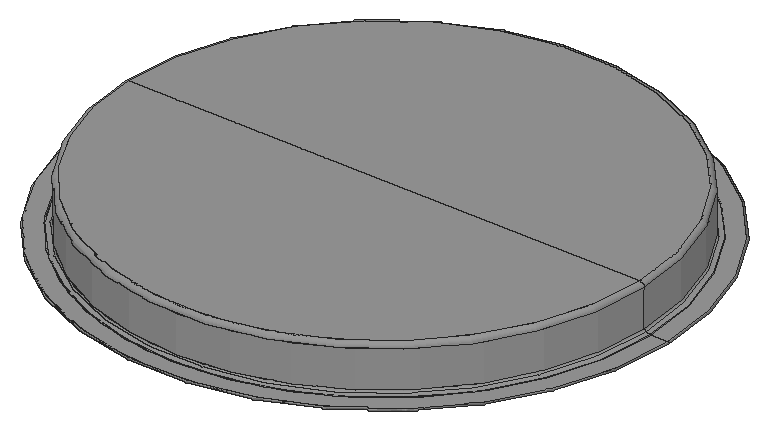
Revit family "MIA13_63_UN_Downlighter_ETK", category Lighting Fixtures, Revit 2017 (continued)
Definition of nested family "MIA.13 - Lightsource"
  Types (8, lengths in mm): name | Wattage | built-in parameter 1150134 | Photometric Web File | built-in parameter 1150142 | built-in parameter 1150105 | Lumens | built-in parameter 1150107 | built-in parameter 1150106
    MIA.1313.15 - Ø240 / 18W / 1800lm / 3000K | 12.1178 W | (empty or 0) | "MIA.1313.15_LDT.ies" | "IESNA91\r\n[MANUFAC]  www.etk.nl\r\n[LUMCAT] MIA.1313.15\r\n[LUMINAIRE] MIA.1 LED 18W 3000K ø240 1800Lm mat wit  Dimbaar DALI\r\n[LAMP] LED\r\n[CHANGED] this file converted to 'ies' from 'ldt' by IES Viewer v2.99n    (C) Andrey Legotin\r\nTILT=NONE\r\n1 1800 1.8 101 36 1 2 0 -0.22 0\r\n1 1 18\r\n0 0.9 1.8 2.7 3.6 4.5 5.4 6.3 7.2 8.1 9 9.9 10.8 11.7 12.6 \r\n13.5 14.4 15.3 16.2 17.1 18 18.9 19.8 20.7 21.6 22.5 23.4 \r\n24.3 25.2 26.1 27 27.9 28.8 29.7 30.6 31.5 32.4 33.3 34.2 \r\n35.1 36 36.9 37.8 38.7 39.6 40.5 41.4 42.3 43.2 44.1 45 \r\n45.9 46.8 47.7 48.6 49.5 50.4 51.3 52.2 53.1 54 54.9 55.8 \r\n56.7 57.6 58.5 59.4 60.3 61.2 62.1 63 63.9 64.8 65.7 66.6 \r\n67.5 68.4 69.3 70.2 71.1 72 72.9 73.8 74.7 75.6 76.5 77.4 \r\n78.3 79.2 80.1 81 81.9 82.8 83.7 84.6 85.5 86.4 87.3 88.2 \r\n89.1 90 \r\n0 10 20 30 40 50 60 70 80 90 100 110 120 130 140 150 160 \r\n170 180 190 200 210 220 230 240 250 260 270 280 290 300 310 \r\n320 330 340 350 \r\n345.652 343.7612 343.769 344.0738 344.5113 345.0035 \r\n345.0035 344.3316 343.4409 342.183 340.386 338.5968 336.956 \r\n335.3543 334.073 333.2682 332.7135 331.8306 330.2992 \r\n328.7132 326.7287 324.3535 321.9236 318.9312 315.7669 \r\n313.087 311.0712 309.3835 307.6178 305.6333 303.6565 \r\n300.7813 297.492 294.0386 290.1711 286.1239 282.4674 \r\n279.4203 276.5997 273.7636 270.8884 268.0131 264.4113 \r\n260.5594 256.4575 251.8869 247.0271 242.3939 238.2295 \r\n234.1667 230.268 226.6427 223.0252 218.9312 214.6808 \r\n210.3133 205.7661 201.0938 196.2419 190.7571 185.2723 \r\n180.2953 175.7325 171.2243 166.8802 162.6143 158.0123 \r\n152.7932 147.2146 141.5501 135.5497 129.5414 123.8222 \r\n118.2436 112.8369 107.9069 103.3049 98.4374 92.976 87.2803 \r\n81.5689 75.8184 70.0602 64.841 59.8719 54.8949 49.7461 \r\n44.4566 39.1906 34.0417 28.9085 23.7675 18.6343 13.5011 \r\n9.7117 6.6568 3.6487 0.6407 0 0 0 \r\n345.652 344.4644 343.394 342.808 342.9018 343.269 343.4331 \r\n343.3315 343.0815 342.3236 341.0266 339.7062 337.4951 \r\n335.1746 333.2526 331.7837 330.5414 329.4867 328.7444 \r\n327.9084 326.3458 324.2675 322.0486 319.1343 316.0169 \r\n312.9541 309.9461 307.0552 304.6097 303.0002 301.3907 \r\n298.914 296.1872 293.2338 289.8195 286.1942 283.0143 \r\n280.4516 278.0373 275.6231 273.2088 268.3178 263.1299 \r\n258.4343 254.5199 250.9259 247.0193 242.6205 238.0342 \r\n233.4479 228.9007 224.3535 220.025 215.8919 211.7978 \r\n207.5475 203.1956 198.8046 194.3355 189.8039 185.1473 \r\n179.5453 173.9511 168.6225 163.4893 158.4499 153.5198 \r\n148.6991 143.8862 139.0812 134.2839 129.1898 123.369 \r\n117.4623 111.6259 105.852 100.2266 95.0152 90.2492 85.4051 \r\n79.9437 74.373 68.8413 63.3487 57.8717 52.8244 48.1366 \r\n43.3628 38.2999 32.9479 27.5959 22.4627 17.3217 12.8916 \r\n9.1413 5.7583 3.7034 3.1721 2.6486 2.1252 1.5939 \r\n345.652 345.8395 345.9723 345.9958 345.2692 344.191 \r\n342.9409 341.4173 339.8 338.5264 338.3077 338.0967 337.6201 \r\n337.0341 336.2372 334.8621 333.0963 331.0727 328.4632 \r\n325.7051 323.2206 321.361 319.5093 317.9702 316.5638 \r\n314.9699 312.9073 310.493 307.9381 304.8676 301.7423 \r\n298.328 294.6246 290.8821 288.1084 285.8348 283.4675 \r\n280.9048 278.178 275.2559 271.2009 267.1537 262.7549 \r\n258.0983 253.4651 249.371 245.6754 242.0658 238.6749 235.37 \r\n231.8775 227.4865 223.0877 218.3139 213.3135 208.3288 \r\n203.5784 199.0624 194.5777 190.1867 185.8192 181.2954 \r\n176.4825 171.6384 166.3646 160.8094 155.3246 150.1133 \r\n145.1598 140.175 134.8777 129.557 124.2519 118.9702 \r\n113.6886 108.5554 103.5472 98.3671 92.7651 86.8193 80.9126 \r\n75.6465 70.3805 65.3645 60.5907 55.8403 50.793 45.4332 \r\n40.0891 34.823 29.5961 24.4316 19.525 14.6418 10.5946 \r\n7.2193 4.0706 0.9141 0 0 0 \r\n345.652 344.4488 344.6754 345.0738 344.9957 344.48 343.6909 \r\n342.4408 340.5422 338.7061 337.417 336.3622 335.4793 \r\n335.0496 334.7449 333.8855 332.4713 330.7915 328.6663 \r\n325.9395 323.2049 320.7751 318.3842 316.306 314.6886 \r\n313.2667 311.454 309.1413 306.6802 303.7737 300.3985 \r\n297.0232 293.5151 289.9914 286.7724 283.9362 281.2642 \r\n278.4514 275.42 272.3494 269.0523 265.5911 261.9502 \r\n257.3639 252.5041 248.0428 244.0503 240.2922 236.7138 \r\n233.4948 230.268 226.088 221.6111 216.8998 211.6962 \r\n206.2817 201.2735 196.8435 192.5463 188.2491 183.9519 \r\n179.6468 174.7246 169.6383 164.38 158.8562 153.1995 147.785 \r\n142.8783 137.9952 133.0885 128.135 123.1815 117.9389 \r\n112.6182 107.3521 102.172 97.0154 91.6712 85.8348 80.0063 \r\n74.5293 69.2476 64.0128 58.8874 53.8089 48.8866 44.1831 \r\n39.55 34.7136 29.3617 24.0097 19.1343 14.4621 10.3211 \r\n7.4068 5.266 3.6722 3.219 3.0002 2.7893 \r\n345.652 343.8941 342.7377 342.0111 341.9564 342.1674 \r\n342.3236 342.3939 342.3392 341.7689 340.5344 339.2921 \r\n337.1357 334.823 332.8385 331.2915 329.9789 328.8069 \r\n327.9084 326.963 325.6114 323.9081 322.072 319.1577 \r\n315.9387 312.8526 309.9305 307.1412 304.7269 303.1487 \r\n301.5704 299.0937 296.2731 293.2651 289.8039 286.1317 \r\n282.4674 278.7874 275.1543 271.7712 268.8726 265.9739 \r\n262.5908 259.0593 255.2856 251.0821 246.6286 242.2142 \r\n237.878 233.5573 229.3617 225.3379 221.3142 217.3217 \r\n213.3292 209.2117 204.891 200.4219 195.7028 190.1633 \r\n184.6316 179.3734 174.3027 169.3648 165.1457 161.2782 \r\n157.0045 152.0431 146.7146 141.3079 135.6747 130.0492 \r\n124.4082 118.7749 113.3292 108.485 104.0472 99.3437 94.0542 \r\n88.5772 83.1393 77.7873 72.4353 67.3178 62.333 57.3404 \r\n52.2853 47.1677 42.097 37.1904 32.2994 27.674 23.3378 \r\n19.0327 14.7746 10.5399 6.3052 2.0705 0 0 0 \r\n345.652 345.6051 344.4175 343.0893 342.0423 341.222 \r\n340.5813 340.2766 340.4016 340.4407 339.7922 338.9249 \r\n337.792 336.1356 334.3464 332.2447 329.8695 327.6037 \r\n325.8301 324.6504 323.4784 322.1345 320.7751 318.9468 \r\n316.5169 313.8605 310.7821 307.1959 303.7034 300.6329 \r\n297.9373 295.2965 293.2651 291.3196 288.8351 285.7958 \r\n282.4518 278.7483 274.4824 270.2711 266.4739 262.919 \r\n259.4031 256.0513 252.7385 249.2382 245.527 241.722 237.792 \r\n233.6433 229.4945 224.5097 219.3374 214.3839 209.907 \r\n205.6411 201.3126 196.906 192.4916 188.1006 183.7409 \r\n179.3734 173.9277 168.2788 162.7471 157.3795 152.0978 \r\n147.1677 142.9252 138.6358 133.8933 128.7288 123.5331 \r\n118.0717 112.5322 107.2115 102.172 97.242 92.2181 86.9599 \r\n81.7017 76.3966 71.0759 65.7864 60.5829 55.434 50.5586 \r\n46.1052 41.7689 37.2607 32.3697 27.4787 22.7518 18.0717 \r\n13.837 10.4618 7.61 5.3598 4.3597 3.555 2.7502 \r\n345.652 344.0894 344.4097 344.9098 344.7613 344.3003 \r\n343.5268 342.2455 340.6672 339.0968 337.5654 336.0263 \r\n335.2606 334.9168 334.5418 333.6667 332.4635 331.0102 \r\n329.0257 326.8302 324.5019 321.7751 319.0562 316.8216 \r\n314.8215 312.8916 311.0009 309.1492 307.0865 304.305 \r\n301.4142 298.3671 295.1168 291.8353 288.3897 284.8504 \r\n281.4829 278.4593 275.7169 272.9432 269.9117 266.8802 \r\n263.2471 259.1218 254.8402 250.3242 245.6208 241.1829 \r\n237.3935 233.987 230.518 226.713 222.908 218.7124 214.2433 \r\n209.5867 204.5082 199.0312 193.7183 188.9757 184.4285 \r\n179.9281 175.5293 171.1306 166.3333 161.2548 156.1919 \r\n151.3087 146.613 141.8001 136.0341 130.1274 124.5332 \r\n119.3453 114.2746 109.1804 104.0628 99.0155 94.1402 89.4289 \r\n84.7019 79.3499 73.998 68.7163 63.5128 58.3874 53.6683 \r\n49.4179 45.1051 40.5657 35.8778 31.1977 26.4943 21.7908 \r\n17.6264 13.9386 10.4149 6.8834 3.3596 0 0 \r\n345.652 344.6519 344.7613 345.0113 344.5504 343.6987 \r\n342.6127 341.0891 339.2453 337.5576 336.8466 336.1434 \r\n335.5731 335.1121 334.6043 333.487 331.9087 330.0805 \r\n327.674 324.9473 322.283 319.9625 317.642 315.7747 314.212 \r\n312.626 310.7118 308.485 306.0708 302.9924 299.7109 \r\n296.3669 292.8823 289.3898 286.2255 283.2721 280.3813 \r\n277.5217 274.6933 271.8181 268.5288 265.1926 261.3642 \r\n256.9419 252.3635 247.8866 243.4878 239.3234 235.7606 \r\n232.6901 229.5648 225.2051 220.8454 216.1184 211.0634 \r\n205.8911 200.9063 196.1638 191.4837 186.8818 182.3971 \r\n177.9123 173.1698 168.3882 163.6222 158.903 154.1917 \r\n149.1523 143.4643 137.7998 132.3619 127.1349 121.9314 \r\n116.9857 112.1025 107.2896 102.5783 97.8592 92.851 87.1865 \r\n81.522 76.0841 70.7321 65.7864 62.2158 59.2703 56.3247 \r\n52.5432 46.8943 40.6672 34.5261 29.8539 25.1895 21.0016 \r\n17.2435 13.6573 10.3211 7.2584 4.1956 1.1329 0 \r\n345.652 343.0268 342.2142 341.7845 341.9798 342.4799 \r\n342.683 342.4564 341.9877 341.2063 339.6672 338.128 \r\n336.0653 333.8151 331.8462 330.5883 329.7836 328.9241 \r\n327.9319 326.8693 325.4082 323.2049 321.0095 318.1264 \r\n315.0012 312.04 309.4304 307.0474 304.7504 302.7502 \r\n300.7579 298.3514 295.609 292.8041 289.6789 286.3974 \r\n282.8737 278.9124 274.7402 270.7712 267.6459 264.5207 \r\n261.2392 257.8717 254.4418 250.8243 247.0818 243.0737 \r\n238.4796 233.6823 229.0023 224.7676 220.5329 216.7122 \r\n213.1026 209.3054 204.9301 200.0781 195.1559 190.007 \r\n184.8191 179.7953 175.0059 170.2399 165.4582 160.661 \r\n155.8403 150.9493 146.0036 140.9798 135.2606 129.5414 \r\n124.2128 119.2359 114.3292 109.2507 104.0316 98.8437 \r\n93.7261 88.6397 83.444 77.4748 71.4978 65.5207 60.7938 \r\n56.7701 52.8244 48.8632 44.8863 40.886 36.8232 32.5572 \r\n28.2913 24.1191 19.9937 16.0091 12.376 9.0398 5.6958 2.3517 \r\n0 \r\n345.652 347.9803 348.6757 349.1679 349.1523 348.6835 \r\n347.9412 346.7224 344.8629 343.0971 342.058 341.261 \r\n340.5891 340.1985 339.8937 339.0968 337.8311 336.3466 \r\n334.4636 332.0806 329.6976 327.0802 324.4472 322.2596 \r\n320.7047 319.4 317.7045 315.4934 313.1963 310.6415 307.8287 \r\n304.9535 301.1407 297.2185 293.7573 290.8274 288.1475 \r\n285.5457 283.069 280.4985 277.1779 273.4042 269.4976 \r\n264.9895 260.3172 256.0747 252.3088 248.7304 245.1598 \r\n241.6361 238.1124 233.8776 229.4789 224.8848 219.9156 \r\n214.7824 209.8289 205.141 200.5313 196.0466 191.7494 \r\n187.4443 182.694 177.8498 173.0213 168.2085 163.4112 \r\n158.3014 152.5588 146.8474 141.4876 136.4872 131.5103 \r\n126.9396 122.4861 117.6811 112.415 106.899 101.336 95.6403 \r\n89.9523 84.6394 79.4906 74.4902 69.9664 65.6614 61.1532 \r\n56.3169 51.379 46.4724 41.6439 36.8154 32.7291 28.8773 \r\n25.0332 21.0954 17.1029 13.1182 9.1257 5.1332 1.1407 \r\n345.652 347.1756 346.3396 345.6598 345.5192 345.5817 \r\n345.6911 345.863 345.9411 345.6208 344.5582 343.4956 \r\n342.0111 340.2297 338.378 336.5185 334.6668 332.9323 \r\n331.565 330.5727 329.5882 328.01 326.4005 324.2988 321.6267 \r\n318.7358 315.6418 312.2978 309.1492 306.7271 304.9066 \r\n303.0237 300.6876 298.2889 295.4293 292.0931 288.5069 \r\n284.6238 280.2953 276.0528 272.4979 269.2788 266.0833 \r\n262.9346 259.8094 256.3013 252.3947 248.3553 244.2535 \r\n240.0422 235.8387 230.9555 225.9552 221.2204 216.9466 \r\n212.8604 208.8679 204.9848 201.0079 196.5544 191.5384 \r\n186.5146 180.9594 175.3262 169.8492 164.591 159.4578 \r\n154.6449 150.4414 146.1599 141.3392 136.0497 130.7133 \r\n125.0879 119.3843 113.9386 108.8366 103.8831 98.9062 93.898 \r\n88.8819 83.7253 78.5139 73.4354 68.7866 64.3332 59.6453 \r\n54.6136 49.5195 44.6207 40.1047 35.5887 31.1665 26.7755 \r\n22.5955 18.8296 15.3059 11.8369 8.4772 5.141 1.797 \r\n345.652 346.3005 347.2224 348.1053 348.285 348.1288 347.66 \r\n346.6521 345.3473 343.9409 342.1752 340.4094 339.5031 \r\n339.0343 338.6046 337.9639 337.1904 336.0809 334.2292 \r\n332.1197 329.7914 326.8849 323.9784 321.5876 319.439 \r\n317.4857 315.8762 314.5246 312.9073 310.3524 307.6568 \r\n304.516 300.836 297.0935 293.6323 290.3117 287.1709 \r\n284.3503 281.772 279.0843 275.7481 272.4041 268.8882 \r\n265.2395 261.4814 257.1451 252.3791 247.8162 243.73 \r\n239.8859 236.0341 232.0728 228.1116 224.1347 220.1422 \r\n215.97 211.2118 205.9067 200.6407 195.5387 190.4993 \r\n185.8192 181.8658 177.9983 173.4432 168.4507 163.3018 \r\n157.9577 152.4338 146.9646 141.933 136.956 131.9009 \r\n126.7521 121.5876 116.4622 111.3681 106.2114 100.8751 \r\n95.4059 89.9602 85.1004 80.2485 75.2715 70.2008 65.1223 \r\n60.1844 55.395 50.6836 46.2536 41.9798 37.6201 32.9323 \r\n28.1975 23.6581 19.2828 14.9465 10.618 6.2896 1.9533 0 \r\n345.652 345.4332 345.3004 345.1754 345.3785 345.8083 \r\n346.1599 346.0974 345.5817 344.941 343.3784 341.6126 \r\n339.7609 337.7608 335.7294 334.4714 333.9011 333.2839 \r\n332.3072 330.9868 329.6586 327.3381 325.002 322.408 \r\n319.5406 316.5872 313.962 311.7275 309.5164 307.4146 \r\n305.4067 303.3206 300.6954 297.9998 294.7183 290.8821 \r\n286.8583 282.9752 279.2953 275.67 272.5135 269.5757 \r\n266.5833 263.4346 260.2469 256.4966 252.1681 247.6365 \r\n242.9174 237.9405 232.9557 229.2914 225.8301 222.1892 \r\n218.1967 214.0714 209.5867 204.641 199.6718 194.7808 \r\n189.9836 185.1863 180.1703 175.1152 170.1617 165.3332 \r\n160.5594 155.6372 150.4493 145.277 140.2297 135.284 \r\n130.2524 124.7051 119.0093 113.5479 108.3522 103.3206 \r\n98.4686 93.9917 89.507 84.2253 78.6546 73.1151 67.724 \r\n62.4033 57.4264 52.9416 48.5507 44.0347 39.2687 34.5027 \r\n29.6429 24.7597 20.0797 15.7747 11.6728 8.2272 6.1099 \r\n4.1097 2.1017 \r\n345.652 347.8631 348.0272 347.9334 347.1365 345.9333 \r\n344.6754 343.4956 342.5424 341.9252 341.3079 341.011 \r\n340.8157 340.3703 339.2921 337.9327 336.2685 334.1667 \r\n331.9478 329.6117 327.0959 324.58 323.0643 321.7908 \r\n320.4157 318.814 317.0795 314.9387 311.9775 308.946 \r\n305.6645 302.0939 298.5311 295.6793 293.0541 290.4446 \r\n287.8428 285.2567 282.4596 278.9359 275.2559 271.4821 \r\n267.5678 263.6378 259.489 255.2231 251.0977 247.3084 \r\n243.8159 240.3078 236.706 233.0963 228.9945 224.4238 \r\n219.7203 214.673 209.3445 204.2738 199.8047 195.734 \r\n191.6243 187.2021 182.7721 177.967 172.8729 167.6459 \r\n162.1767 156.481 150.9337 145.9567 141.222 136.4325 \r\n131.4868 126.5255 121.3298 115.9544 110.6258 105.5082 \r\n100.6407 95.695 90.0852 84.366 78.8265 73.5448 68.3413 \r\n63.2159 58.1686 53.2073 48.4647 43.9331 39.4093 34.3933 \r\n29.3851 24.5332 19.8531 15.2903 11.3915 8.2663 5.141 2.0158 \r\n0 \r\n345.652 345.863 346.4568 347.0974 347.199 346.8005 346.1286 \r\n345.0895 343.5425 342.0111 340.5813 339.1827 338.0655 \r\n337.5811 337.2763 336.5263 335.3387 333.9558 332.276 \r\n330.2055 328.135 325.3145 322.4158 319.8531 317.8608 \r\n316.095 314.3917 312.751 310.9852 308.6569 305.7192 \r\n302.7737 299.0624 295.2574 291.7025 288.46 285.3817 \r\n282.4596 279.8344 277.1467 274.0058 270.5368 266.9662 \r\n262.8018 258.4733 254.1761 249.918 245.7145 241.6283 \r\n237.792 233.9558 230.0492 226.127 222.1502 218.0561 \r\n213.9151 209.321 204.0941 198.7421 193.5307 188.5616 \r\n183.5925 179.4281 175.4668 171.2087 166.388 161.2548 \r\n155.9966 150.4961 144.9723 139.3625 133.6667 127.9709 \r\n123.1424 118.5483 113.7511 108.6335 103.3362 97.953 92.3197 \r\n86.6865 81.4282 76.3732 71.3103 66.1145 60.8563 55.6762 \r\n50.6055 45.6208 40.7766 36.2919 31.815 26.9787 22.0017 \r\n17.1732 12.8369 8.8132 5.6489 4.3128 3.4143 2.5158 \r\n345.652 344.7066 345.2926 345.9489 346.2614 346.4177 \r\n346.1911 345.4098 344.3785 343.0034 340.9251 338.8546 \r\n337.7764 336.9873 336.3075 335.7215 335.1981 334.323 \r\n332.7057 330.9477 328.6976 325.7598 322.8221 320.4313 \r\n318.2124 316.1888 314.4855 312.9698 311.204 308.696 \r\n306.1958 303.0627 299.539 295.9762 292.4525 288.9601 \r\n285.7176 282.8893 280.2563 277.5061 274.4121 271.3181 \r\n267.8412 264.1769 260.3016 255.895 251.129 246.5974 \r\n242.5736 238.7061 234.9793 231.5962 228.2053 224.0878 \r\n219.6578 214.9934 209.9695 204.6722 199.414 194.2964 \r\n189.1867 184.6863 180.8188 177.0295 172.4119 167.3725 \r\n162.1767 156.6841 150.9962 145.4098 140.4328 135.4481 \r\n130.3461 125.1582 119.9312 114.6027 109.1882 103.8753 \r\n98.7968 93.8198 88.6944 82.9362 77.1701 71.6228 66.2083 \r\n60.9657 56.1528 51.7306 47.1521 42.0267 36.7607 31.565 \r\n26.4943 21.4392 16.6966 12.1494 7.6334 3.1174 0 0 0 \r\n345.652 347.6443 347.3162 346.699 345.8786 344.6363 \r\n343.1284 341.9252 341.347 340.8938 340.5266 340.3078 \r\n340.0969 339.2453 338.1905 336.9169 335.3153 333.5026 \r\n331.6822 329.8539 327.9006 325.5879 323.2753 321.4314 \r\n319.814 318.0483 315.845 313.2667 310.5868 307.5006 304.18 \r\n300.8673 297.7342 294.6324 291.8197 289.421 287.2412 \r\n284.6472 281.2017 277.6701 273.6464 269.0991 264.5988 \r\n260.7782 257.1607 253.6683 250.3555 247.1052 243.5815 \r\n239.4015 235.2293 230.9555 226.6349 222.197 217.306 \r\n212.1963 207.3521 202.8987 198.578 194.1792 189.5695 \r\n184.9598 180.35 
